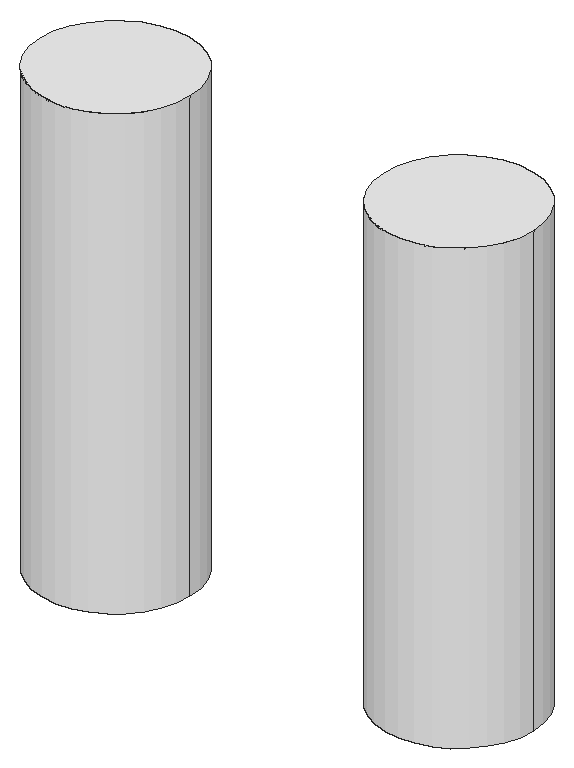
Revit family "52461163(2022)", category Plumbing Fixtures, Revit 2020
Family settings
  Round Connector Dimension = Use Diameter
  Part Type = Normal
  OmniClass Number = 23.45.55.00
  OmniClass Title = Sanitary Faucets, Wastes
  Work Plane-Based = No
  Always vertical = Yes
  Cut with Voids When Loaded = No
  Shared = No
  Room Calculation Point = No
Parameters (values of type "52461163 Washbasin faucet, low pressure")
  Working Pressure = "50 - 500 kPa"
  WarrantyStartDate [instance] = "n/a"
  WarrantyGuarantorParts = "n/a"
  WarrantyGuarantorLabor = "n/a"
  WarrantyDurationUnit = "Year"
  WarrantyDurationParts = "n/a"
  WarrantyDurationLabor = "n/a"
  WarrantyDescription = "http://warranty.hansa.com"
  Warranty Information URL = "http://warranty.hansa.com"
  VersionDate = "01/06/2023"
  Version = "1"
  ValvePattern = "n/a"
  ValveOperation = "n/a"
  ValveMechanism = "n/a"
  Uniclass2015Reference = "Pr_40_20_87_96"
  Uniclass2015Description = "Washbasin manual water supply sets"
  Uniclass2 = "Pr_40_30_96_96"
  URL REACH = "http://static.hansa.com/doc/reach"
  URL Materials Declaration = "http://www.hansa.com/fileadmin/resources/180815_52461163_materialsdeclaration.pdf"
  URL Environmental Product Declaration EPD = "http://www.hansa.com/fileadmin/resources/184523_EPD_Washbasin faucet.pdf"
  URL EcoLabel Declaration = "http://static.hansa.com/doc/EcoLabel"
  URL EU Packaging Declaration = "http://static.hansa.com/doc/packaging"
  URL Declaration of SCIP = "http://static.hansa.com/doc/SCIP"
  URL Declaration of Conformity = "http://static.hansa.com/DoC/52461163"
  URL Declaration of Asbestos = "http://static.hansa.com/doc/asbestos"
  URL Declaration Of Performance (DOP) = "http://static.hansa.com/doc/DoP"
  URL = ""
  UNSPSC Class Number = "30181700 Faucets or taps"
  Type Comments = ""
  TestPressure = "n/a"
  Temperature Adjustments = "Limitation option for maximum temperature and flow-rate "
  Technical DataSheet URL = "http://www.hansa.com/datasheet/52461163/en"
  TagNumber [instance] = "n/a"
  SustainabilityPerformance = "n/a"
  Surface treatment = "Chrome"
  Spout Type = "Fixed spout"
  Spout Projection = "114 mm"
  Spare-Part Information URL = "http://static.hansa.com/sp/52461163"
  Size = "45x165x185 mm"
  Shape = "Sculptured"
  SerialNumber [instance] = "n/a"
  Sales Package dimensions (LxWxH) = "380 x 180 x 74"
  Revision = "n/a"
  ReplacementCost = "n/a"
  ProductInformation = "n/a"
  Product URL = "http://static.hansa.com/52461163"
  Product Image URL = "http://static.hansa.com/image/52461163"
  Product Family = "HANSAVANTIS XL"
  Product Code = "52461163"
  OperatingMechanismMaterial = "n/a"
  NominalWidth = 46.5 mm
  NominalHeight = 186 mm
  NominalDepth = 165.68 mm
  Name_en = "52461163 Washbasin faucet, low pressure"
  Name = "52461163 Washbasin faucet, low pressure"
  NBSReference = "45-35-70/371"
  NBSDescription = "Water supply fittings for wash basins and troughs"
  Mounting Holes = "1 hole"
  ModelReference = "52461163"
  ModelNumber = "n/a"
  Model = "52461163 Washbasin faucet, low pressure"
  Mobile Product Information URL = "http://mpi.hansa.com/52461163"
  Mechanical Parts = "30Cartridge"
  Max. Hot Water Supply = 70 °C
  Material = "Brass"
  Market = "International;Germany;Austria;Belgium;Netherlands;Czech Republic;Slovakia"
  ManufacturerURL = "http://www.hansa.com"
  ManufacturerName = "HANSA"
  Manufacturer = "HANSA"
  Lever Handle = "Single operating lever/handle;Hot/Cold symbols"
  Keynote = ""
  Interactive AR View URL = "https://static.hansa.com/AR/52461163"
  InstallationDate [instance] = "n/a"
  Installation and Maintenance Guide URL = "http://static.hansa.com/manual/52461163"
  Installation Type = "Deck mounted"
  InletConnectionSize = 10 mm
  IfcExportType = "FAUCET"  # constant formula
  IfcExportAs = "IfcValveType"  # constant formula
  Group = "Washbasin faucet"
  Grade = "n/a"
  FlowCoefficient = 0
  Flow Drawing URL = "http://static.hansa.com/flowchart/52461163"
  Finish = "Polished"
  Features = "Single-lever;Low pressure"
  FaucetMainMaterial = Brass
  FDV Document URL = "http://www.hansa.com/datasheet/52461163/en/fdv"
  Extensions = "Pop-up waste with draw-rod"
  ExpectedLife = "n/a"
  ETIM Class Number = "EC011328 Washbasin mixing tap"
  EN Standard = "EN 817"
  EAN Number = "4057304017285"
  DurationUnit = "Year"
  Dimension Drawing URL = "http://static.hansa.com/dimdrw/52461163"
  Description = ""
  DefaultElevation [instance] = 900 mm
  Default Elevation = 0 mm
  Constituents = "n/a"
  Connection Size = "G3/8"
  Connection = "Flexible inlet pipes"
  Color = "Chrome"
  CodePerformance = "n/a"
  CloseOffRating = 0
  Category = "Washbasin"
  Catalog Drawing URL = "http://static.hansa.com/catdrw/52461163"
  CO2 Emissions (D) = -6.77
  CO2 Emissions (C4) = 0.07
  CO2 Emissions (C3) = 0.02
  CO2 Emissions (C2) = 0.02
  CO2 Emissions (A4) = 0.26
  CO2 Emissions (A1-A3) = 9.52
  Brand = "HANSA"
  BodyMaterial = "Brass"
  Barcode [instance] = "n/a"
  Backflow Prevention EN1717 = "AA"
  BIMObjectName = "52461163(2022)"
  Author = "BIMStone"
  AssetType = "Fixed"
  AssetIdentifier [instance] = "n/a"
  Aerator = "Standard aerator;Laminar stream"
  Advanced Features = "Inner body made of DZR brass;3S-installation system for safe and simple mounting"
  AccessibilityPerformance = "n/a"
  3D View = "https://static.hansa.com/AR/52461163"
  2D/3D/BIM Files URL = "http://static.hansa.com/bim/52461163"
Reference planes
  plane 1 "Center (Front/Back)": y = 0
  plane 2: z = 0
  plane 3 "Center (Left/Right)": x = 0
  plane 4: x = -23.25
  plane 5: z = 900
  plane 6: z = 870
  plane 7: y = -165.68
  plane 8: x = 23.25
  plane 9: z = 1086
Forms (mm)
  Extrusion 1, solid, material "Brass" <- "FaucetMainMaterial"
    sketch origin (0, -12.745, 0) x (1, 0, 0) y (0, 1, 0)
      loop
        circle (-11.5, -22.5) r 5
      loop
        circle (11.5, -22.5) r 5
    from 870 to 900
Dimensions and locks
  "DefaultElevation": plane 5 to level
  locked: plane 5 to plane 6 at 30
  "NominalDepth": plane 7 to plane 1 "Center (Front/Back)"
  equal spacing: plane 4, plane 3 "Center (Left/Right)", plane 8
  "NominalHeight": plane 9 to plane 5
  "NominalWidth": plane 4 to plane 8
  "InletConnectionSize": diameter of Extrusion 1 sketch curve  (x2)
  aligned and locked: level to plane 2
  aligned and locked: plane 5 to Extrusion 1
  aligned and locked: Extrusion 1 to plane 6
  aligned and locked: nested 2 to plane 5
  aligned and locked: plane 1 "Center (Front/Back)" to nested 2
  aligned and locked: plane 3 "Center (Left/Right)" to nested 2
  aligned and locked: plane 3 "Center (Left/Right)" to nested 1
  aligned and locked: plane 1 "Center (Front/Back)" to nested 1
Automatic sketch dimensions
  Extrusion 1 sketch curve to plane 3 "Center (Left/Right)" = 11.5 mm
  plane 3 "Center (Left/Right)" to Extrusion 1 sketch curve = 11.5 mm
  plane 1 "Center (Front/Back)" to Extrusion 1 sketch curve = 35.245 mm  (x2)
Nested families
  nested 1: "Symbol" at (0, 0, 0), type "Symbol", detail levels coarse
  nested 2: "52461163_Body" at (0, 0, 900), Material <- "FaucetMainMaterial", type "52461163_Body"
    with Material Brass
Connectors
  piping at (-11.5, -35.245, 870), diameter 10, driven by "InletConnectionSize"
    settings: on Extrusion 1, index 1, connector inside diameter 609.6 mm, connector length 0 mm, flow factor 0, pipe flow 0.2 L/s, pressure drop 0.0 Pa, fitting loss kfactor 0, connector angle 0.00°, fixture units 0, engagement length 0 mm, angle of deflection 0.00°, flow configuration 1, flow direction 1, fitting loss method 0, system type 19, joint type 0, gender type 0, connector reference index -1, connector utility 0, adjustable connector no, is connector primary yes, connector description ""
  piping at (11.5, -35.245, 870), diameter 10, driven by "InletConnectionSize"
    settings: on Extrusion 1, index 2, connector inside diameter 609.6 mm, connector length 0 mm, flow factor 0, pipe flow 0.2 L/s, pressure drop 0.0 Pa, fitting loss kfactor 0, connector angle 0.00°, fixture units 0, engagement length 0 mm, angle of deflection 0.00°, flow configuration 1, flow direction 1, fitting loss method 0, system type 20, joint type 0, gender type 0, connector reference index -1, connector utility 0, adjustable connector no, is connector primary no, connector description ""
Definition of nested family "Symbol"
  Reference planes
    plane 1: y = 0
    plane 2: x = 0
  Lines and regions (mm)
    detail lines
      curve 1: line (0, 0, 0) -> (0, -1.8, 0)
      curve 2: line (-0.4, -1.1, 0) -> (0.4, -1.1, 0)
      curve 3: line (-0.4, -1.4, 0) -> (0.4, -1.4, 0)
      curve 4: line (0.863, 0, 0) -> (-0.863, 0, 0)
      curve 5: circle (-1.163, 0, 0) r 0.3 normal (0, 0, -1)
      curve 6: circle (1.163, 0, 0) r 0.3 normal (0, 0, 1)
